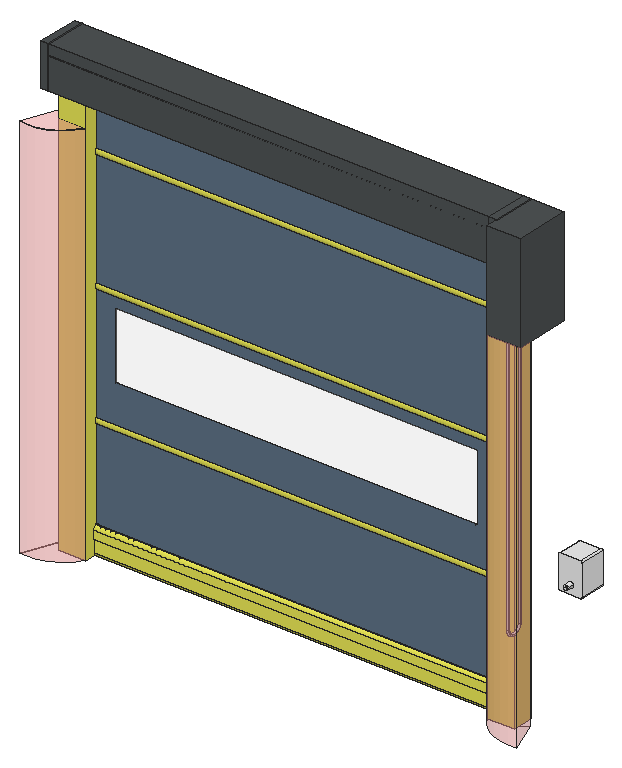
Revit family "Doors_Industrial_Wayne-Dalton_Strutted-Interior-and-Exterior-High-Speed-Fabric-Doors-Model-882-ADV-Xtreme_", category Specialty Equipment, host Wall, Revit 2019 (continued)
Definition of nested family "Panel"
  Forms (in)
    Extrusion 10, solid, material <- "Finish Material", visible <- "Struts Array Visibility"
      sketch origin (60, -180, -14.67051) x (0, 0, -1) y (0, -1, 0)
        loop
          spline (-51.49533, -180.0085) -> (-51.43243, -180.09146) -> (-51.33147, -180.16584) -> (-51.19749, -180.22795) -> (-51.03717, -180.27467) -> (-50.85854, -180.30367) -> (-50.67051, -180.3135) -> (-50.48248, -180.30367) -> (-50.30385, -180.27467) -> (-50.14354, -180.22795) -> (-50.00955, -180.16584) -> (-49.90859, -180.09146) -> (-49.8457, -180.0085)
          line (-49.8457, -180.0085) -> (-49.99501, -180.0085) -> (-49.99501, -179.8315) -> (-49.8457, -179.8315)
          spline (-49.8457, -179.8315) -> (-49.90859, -179.74854) -> (-50.00955, -179.67416) -> (-50.14354, -179.61205) -> (-50.30385, -179.56533) -> (-50.48248, -179.53633) -> (-50.67051, -179.5265) -> (-50.85854, -179.53633) -> (-51.03717, -179.56533) -> (-51.19749, -179.61205) -> (-51.33147, -179.67416) -> (-51.43243, -179.74854) -> (-51.49533, -179.8315)
      from 0 to 120 <- "Width"
    Extrusion 11, solid, material <- "Finish Material", visible <- "Struts 1 Visibility"
      sketch origin (0, 0, -0.14931) x (0, 1, 0) y (0, 0, 1)
        loop
          spline (-0.1685, 36.97413) -> (-0.25146, 36.91123) -> (-0.32584, 36.81027) -> (-0.38795, 36.67629) -> (-0.43467, 36.51597) -> (-0.46367, 36.33734) -> (-0.4735, 36.14931) -> (-0.46367, 35.96128) -> (-0.43467, 35.78265) -> (-0.38795, 35.62234) -> (-0.32584, 35.48835) -> (-0.25146, 35.38739) -> (-0.1685, 35.3245)
          line (-0.1685, 35.3245) -> (-0.1685, 35.47381) -> (0.0085, 35.47381) -> (0.0085, 35.3245)
          spline (0.0085, 35.3245) -> (0.09146, 35.38739) -> (0.16584, 35.48835) -> (0.22795, 35.62234) -> (0.27467, 35.78265) -> (0.30367, 35.96128) -> (0.3135, 36.14931) -> (0.30367, 36.33734) -> (0.27467, 36.51597) -> (0.22795, 36.67629) -> (0.16584, 36.81027) -> (0.09146, 36.91123) -> (0.0085, 36.97413)
          line (0.0085, 36.97413) -> (0.0085, 36.82481) -> (-0.1685, 36.82481) -> (-0.1685, 36.97413)
      from -60 to 60
    Extrusion 12, solid, material <- "Finish Material", visible <- "Struts Array Visibility"
      sketch origin (60, -180, 21.32949) x (0, 0, -1) y (0, -1, 0)
        loop
          line (-51.49533, -179.8315) -> (-51.34601, -179.8315) -> (-51.34601, -180.0085) -> (-51.49533, -180.0085)
          spline (-51.49533, -180.0085) -> (-51.43243, -180.09146) -> (-51.33147, -180.16584) -> (-51.19749, -180.22795) -> (-51.03717, -180.27467) -> (-50.85854, -180.30367) -> (-50.67051, -180.3135) -> (-50.48248, -180.30367) -> (-50.30385, -180.27467) -> (-50.14354, -180.22795) -> (-50.00955, -180.16584) -> (-49.90859, -180.09146) -> (-49.8457, -180.0085)
          line (-49.8457, -180.0085) -> (-49.99501, -180.0085) -> (-49.99501, -179.8315) -> (-49.8457, -179.8315)
          spline (-49.8457, -179.8315) -> (-49.90859, -179.74854) -> (-50.00955, -179.67416) -> (-50.14354, -179.61205) -> (-50.30385, -179.56533) -> (-50.48248, -179.53633) -> (-50.67051, -179.5265) -> (-50.85854, -179.53633) -> (-51.03717, -179.56533) -> (-51.19749, -179.61205) -> (-51.33147, -179.67416) -> (-51.43243, -179.74854) -> (-51.49533, -179.8315)
      from 0 to 120 <- "Width"
    Extrusion 13, solid, material <- "Finish Material", visible <- "Struts Array Visibility"
      sketch origin (60, -180, 57.32949) x (0, 0, -1) y (0, -1, 0)
        loop
          line (-51.49533, -179.8315) -> (-51.34601, -179.8315) -> (-51.34601, -180.0085) -> (-51.49533, -180.0085)
          spline (-51.49533, -180.0085) -> (-51.43243, -180.09146) -> (-51.33147, -180.16584) -> (-51.19749, -180.22795) -> (-51.03717, -180.27467) -> (-50.85854, -180.30367) -> (-50.67051, -180.3135) -> (-50.48248, -180.30367) -> (-50.30385, -180.27467) -> (-50.14354, -180.22795) -> (-50.00955, -180.16584) -> (-49.90859, -180.09146) -> (-49.8457, -180.0085)
          line (-49.8457, -180.0085) -> (-49.99501, -180.0085) -> (-49.99501, -179.8315) -> (-49.8457, -179.8315)
          spline (-49.8457, -179.8315) -> (-49.90859, -179.74854) -> (-50.00955, -179.67416) -> (-50.14354, -179.61205) -> (-50.30385, -179.56533) -> (-50.48248, -179.53633) -> (-50.67051, -179.5265) -> (-50.85854, -179.53633) -> (-51.03717, -179.56533) -> (-51.19749, -179.61205) -> (-51.33147, -179.67416) -> (-51.43243, -179.74854) -> (-51.49533, -179.8315)
      from 0 to 120 <- "Width"
  Cuts and joins
    Extrusion 2, Extrusion 3, Extrusion 4 cuts Extrusion 9
  Dimensions and locks (in)
    equal spacing: plane 5, plane 3 "Center (Left/Right)", plane 6
    "Width": plane 5 to plane 6
    "Height Real": plane 4 to level
    locked: plane 7 to plane 5 at 8
    locked: plane 6 to plane 8 at 8
    "Window Height": plane 12 to plane 11
    locked: plane 7 to plane 9 at 14
    locked: plane 8 to plane 10 at 14
    "1 Window Offset": plane 5 to plane 14
    equal spacing: Extrusion 2 sketch curve, plane 14, Extrusion 2 sketch curve
    "Window Width": Extrusion 2 sketch curve to Extrusion 2 sketch curve
    "Window Width": plane 9 to Extrusion 3 sketch curve
    "Window Width": plane 10 to Extrusion 4 sketch curve
    equal spacing: Extrusion 1 sketch curve, plane 3 "Center (Left/Right)", Extrusion 1 sketch curve
    "Window Width": Extrusion 1 sketch curve to Extrusion 1 sketch curve
    equal spacing: plane 12, plane 15, plane 11
    Extrusion 5 sketch curve to plane 3 "Center (Left/Right)" = 54"
    "Window Width": Extrusion 5 sketch curve to Extrusion 5 sketch curve
    "Window Width": Extrusion 6 sketch curve to Extrusion 6 sketch curve
    "Window Width": Extrusion 7 sketch curve to Extrusion 7 sketch curve
    group 1 to group 2 = 0"  (x3)
    locked: Extrusion 8 sketch curve to level at 0.5
    locked: level to Extrusion 9 sketch curve at 0.5
    locked: plane 15 to level at 58
    locked: plane 16 to level at 36.82481
    locked: plane 17 to plane 16 at 36
    equal spacing: group 3, group 4, group 5  (x3)
    aligned and locked: plane 2 to level
    aligned and locked: Extrusion 1 sketch curve to plane 12
    aligned and locked: Extrusion 1 sketch curve to plane 11
    aligned and locked: Extrusion 3 sketch curve to plane 12
    aligned and locked: Extrusion 3 sketch curve to plane 11
    aligned and locked: Extrusion 3 sketch curve to plane 9
    aligned and locked: Extrusion 4 sketch curve to plane 10
    aligned and locked: Extrusion 4 sketch curve to plane 12
    aligned and locked: Extrusion 4 sketch curve to plane 11
    aligned and locked: Extrusion 2 sketch curve to plane 12
    aligned and locked: plane 11 to Extrusion 2 sketch curve
    aligned and locked: Extrusion 5 sketch curve to plane 12
    aligned and locked: plane 11 to Extrusion 5 sketch curve
    aligned and locked: plane 9 to Extrusion 6
    aligned and locked: plane 10 to Extrusion 7
    aligned and locked: Extrusion 7 to plane 11
    aligned and locked: Extrusion 6 to plane 11
    aligned and locked: Extrusion 8 sketch curve to plane 5
    aligned and locked: Extrusion 8 sketch curve to plane 6
    aligned and locked: Extrusion 8 sketch curve to plane 4
    aligned and locked: plane 6 to Extrusion 9 sketch curve
    aligned and locked: plane 5 to Extrusion 9 sketch curve
    aligned and locked: Extrusion 9 sketch curve to plane 4
    aligned and locked: Extrusion 10 to plane 16
    aligned and locked: Extrusion 12 to plane 17
    aligned and locked: Extrusion 11 to plane 16
    aligned and locked: plane 5 to Extrusion 11
    aligned and locked: Extrusion 11 to plane 6
    aligned and locked: Extrusion 10 to plane 6
    aligned and locked: Extrusion 12 to plane 6
  Automatic sketch dimensions
    Extrusion 6 sketch curve to Extrusion 6 sketch curve = 20"
    Extrusion 7 sketch curve to Extrusion 7 sketch curve = 20"
    plane 1 "Center (Front/Back)" to Extrusion 11 sketch curve = 0.1685"  (x2)
    Extrusion 11 sketch curve to plane 1 "Center (Front/Back)" = 0.0085"  (x2)
    level to Extrusion 11 sketch curve = 35.17519"
    Extrusion 11 sketch curve to Extrusion 11 sketch curve = 0"  (x3)
    Extrusion 11 sketch curve to Extrusion 11 sketch curve = 0.14931"  (x3)
    Extrusion 11 sketch curve to Extrusion 11 sketch curve = 1.351"
    plane 1 "Center (Front/Back)" to Extrusion 11 sketch curve = 0.08"
    Extrusion 11 sketch curve to plane 1 "Center (Front/Back)" = 0.3135"
    Extrusion 10 sketch curve to Extrusion 10 sketch curve = 0"  (x4)
    Extrusion 10 sketch curve to Extrusion 10 sketch curve = 0.14931"  (x3)
    Extrusion 10 sketch curve to Extrusion 10 sketch curve = 1.351"
    Extrusion 10 sketch curve to Extrusion 10 sketch curve = 0.177"  (x2)
    Extrusion 10 sketch curve to Extrusion 10 sketch curve = 0.305"
    Extrusion 10 sketch curve to Extrusion 10 sketch curve = 0.3935"
    Extrusion 12 sketch curve to Extrusion 12 sketch curve = 0"  (x4)
    Extrusion 12 sketch curve to Extrusion 12 sketch curve = 0.14931"  (x3)
    Extrusion 12 sketch curve to Extrusion 12 sketch curve = 1.351"
    Extrusion 12 sketch curve to Extrusion 12 sketch curve = 0.177"  (x2)
    Extrusion 12 sketch curve to Extrusion 12 sketch curve = 0.305"
    Extrusion 12 sketch curve to Extrusion 12 sketch curve = 0.3935"
    Extrusion 13 sketch curve to Extrusion 13 sketch curve = 0"  (x4)
    Extrusion 13 sketch curve to Extrusion 13 sketch curve = 0.14931"  (x3)
    Extrusion 13 sketch curve to Extrusion 13 sketch curve = 1.351"
    Extrusion 13 sketch curve to Extrusion 13 sketch curve = 0.177"  (x2)
    Extrusion 13 sketch curve to Extrusion 13 sketch curve = 0.305"
    Extrusion 13 sketch curve to Extrusion 13 sketch curve = 0.3935"
    plane 9 to Extrusion 5 sketch curve = 0"
Types (7): name | Three Phase Controller | One Phase Controller | External Transformer | Voltage | Number of Poles | Apparent Load Phase 3 | Apparent Load Phase 2 | Apparent Load Phase 1
  115 volts, one phase, 60 Hz (110-120V range) | no | yes | no | 115 V | 1 | 0 VA | 0 VA | 2300 VA
  208 volts, one phase, 60 Hz (190-207V range) | no | yes | yes | 208 V | 1 | 0 VA | 0 VA | 4160 VA
  208 volts, three phase, 60 Hz (190-207 V range) | yes | no | yes | 208 V | 3 | 2401.78 VA | 2401.78 VA | 2401.78 VA
  230 volts, one phase, 60 Hz (208-245V range) | no | yes | no | 230 V | 1 | 0 VA | 0 VA | 4600 VA
  230 volts, three phase, 60 Hz (208-245 V range) | yes | no | no | 230 V | 3 | 2655.81 VA | 2655.81 VA | 2655.81 VA
  460 volts, three phase, 60 Hz (456-495 V range) | yes | no | no | 460 V | 3 | 5311.62 VA | 5311.62 VA | 5311.62 VA
  575 volts, three phase, 60 Hz | yes | no | yes | 575 V | 3 | 6639.53 VA | 6639.53 VA | 6639.53 VA
